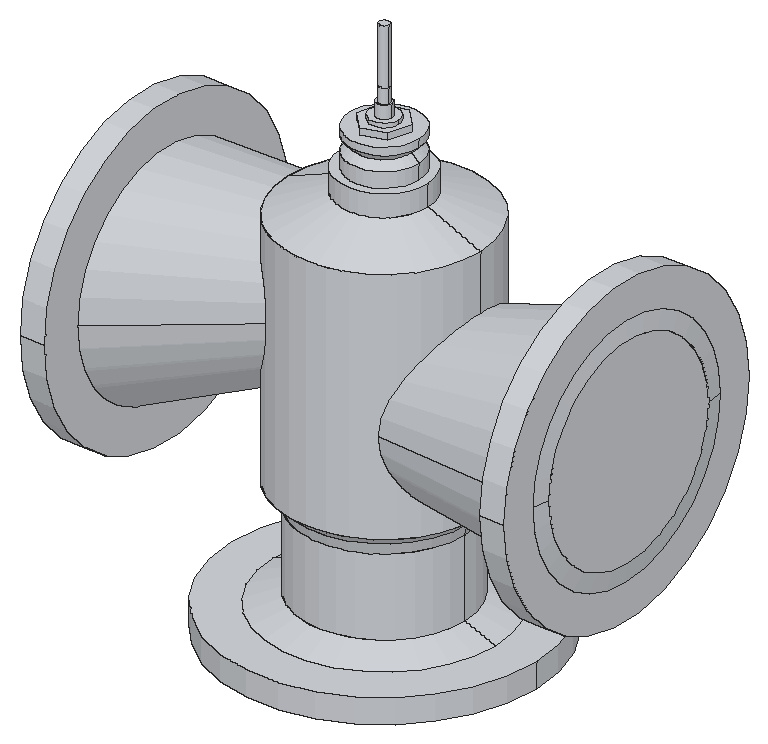
Revit family "3FGB_PN16_DN125_RFA_2019", category Pipe Accessories, Revit 2019
Family settings
  Round Connector Dimension = Use Diameter
  Part Type = Valve - Breaks Into
  Work Plane-Based = No
  Always vertical = Yes
  Cut with Voids When Loaded = No
  Shared = No
Parameters (values of type "3FGB PN16 DN125")
  magiProductId = ""
  magiProductFamilyId = ""
  magiPartTypeId = 320
  isMeasuringValve [instance] = no
  ang2D [instance] = 0.00°
  Z9 = 4.2 mm
  Z8 = 5.7 mm
  Z7 = 3 mm
  Z6 = 6 mm
  Z5 = 6 mm
  Z4 = 12 mm
  Z3 = 194.35 mm
  Z19 = 9.9 mm
  Z18 = 29.25 mm
  Z17 = 4.5 mm
  Z16 = 11.25 mm
  Z15 = 48.65 mm
  Z14__ve = -Z14  # -17.375 mm
  Z14 = 17.375 mm
  Z13 = 9.01 mm
  Z12 = 63.07 mm
  Z11 = 84 mm
  Z10 = 5.1 mm
  Y1 = 71.28 mm
  X4 = 19.8 mm
  X3 = 31.68 mm
  X2__ve = -X2  # -19.8 mm
  X2 = 19.8 mm
  X1 = 2 mm
  W2D = 125 mm
  VersionID = ""
  Use Minimum Symbol Size [instance] = no
  URL = "www.hydronix.cz"
  Type Comments = "Přírubový; EQM charakteristika ve směru A-AB; PN16; -10~+150°C"
  R9 = 4 mm
  R8 = 8.661 mm
  R7 = 11.547 mm
  R6 = 19.246 mm
  R5 = 22.81 mm
  R4 = 28.512 mm
  R3 = 35.64 mm
  R2 = 68.625 mm
  R13 = 65.88 mm
  R12 = 6.062 mm
  R11 = 11.692 mm
  R10 = 7.794 mm
  R1 = 54.9 mm
  QmdConnectorList = "301;D;302;D;303;D"
  Productdata [instance] = ""
  N = 8
  Manufacturer = "Hydronix"
  Maintenance Zone Under Depth [instance] = 234 mm
  Maintenance Zone Right Depth [instance] = 200 mm
  Maintenance Zone Over Depth [instance] = 244 mm
  Maintenance Zone Left Depth [instance] = 200 mm
  Maintenance Zone Front Depth [instance] = 125 mm
  Maintenance Zone Back Depth [instance] = 125 mm
  Maintenance Zone Front Visibility [instance] = no
  MT = 2
  MC Product Code = "3FGB125 (DN125; PN16; kvs200)"
  MC = yes
  LT2 = 200 mm
  L2D_Min = 30.48 mm
  L2D = 400 mm
  L = 400 mm
  HD = 18 mm
  HCDT2 = 91.5 mm
  HCD = 210 mm
  H4 = 200 mm
  H3 = 139 mm
  H2 = 45 mm
  H1 = 199 mm
  FDT2 = 125 mm
  FD = 250 mm
  Description = "3 cestný regulační ventil přírubový; DN125; PN16; kvs200; zdvih 45mm"
  DT2 = 62.5 mm
  D4 = 81.6 mm
  D3 = 96 mm
  D2 = 79.2 mm
  D = 125 mm
  CenSd_R6_6 = R6 * cos(30.00°)  # 16.667 mm
  Clearance Zone Height Depth [instance] = 244 mm
  Clearance Zone Circular Radius [instance] = 200 mm
  Clearance Zone Visibility [instance] = no
  CAT0 = yes
  CAT = no
  Assembly Code = ""
  A1 = 155.48 mm
Types (5, lengths in mm): name | Z9 | Z8 | Z6 | Z5 | Z4 | Z3 | Z19 | Z18 | Z17 | Z16 | Z15 | Z14__ve | Z14 | Z13 | Z12 | Z11 | Z10 | Y1 | X4 | X3 | X2__ve | X2 | W2D | R8 | R7 | R6 | R5 | R4 | R3 | R2 | R13 | R12 | R11 | R10 | R1 | N | Maintenance Zone Under Depth | Maintenance Zone Right Depth | Maintenance Zone Over Depth | Maintenance Zone Left Depth | Maintenance Zone Front Depth | Maintenance Zone Back Depth | MC Product Code | LT2 | L2D | L | HD | HCDT2 | HCD | H4 | H3 | H2 | H1 | FDT2 | FD | Description | DT2 | D4 | D3 | D2 | D | CenSd_R6_6 | Clearance Zone Height Depth | Clearance Zone Circular Radius | A1
  3FGB PN16 DN100 | 4.165 | 5.602 | 5.95 | 5.95 | 11.9 | 166.225 | 9.767 | 29.25 | 4.5 | 11.25 | 40.775 | -14.562 | 14.562 | 7.885 | 55.195 | 72 | 5.082 | 62.28 | 17.3 | 27.68 | -17.3 | 17.3 | 100 | 7.567 | 10.089 | 16.816 | 19.93 | 24.912 | 31.14 | 57.375 | 55.08 | 5.297 | 10.215 | 6.81 | 45.9 | 8 | 207 | 175 | 221 | 175 | 110 | 110 | "3FGB100 (DN100; PN16; kvs130)" | 175 | 350 | 350 | 18 | 76.5 | 180 | 175 | 116.5 | 45 | 176 | 110 | 220 | "3 cestný regulační ventil přírubový; DN100; PN16; kvs130; zdvih 45mm" | 50 | 68.85 | 81 | 69.2 | 100 | 14.563 | 221 | 175 | 132.98
  3FGB PN16 DN125 | 4.2 | 5.7 | 6 | 6 | 12 | 194.35 | 9.9 | 29.25 | 4.5 | 11.25 | 48.65 | -17.375 | 17.375 | 9.01 | 63.07 | 84 | 5.1 | 71.28 | 19.8 | 31.68 | -19.8 | 19.8 | 125 | 8.661 | 11.547 | 19.246 | 22.81 | 28.512 | 35.64 | 68.625 | 65.88 | 6.062 | 11.692 | 7.794 | 54.9 | 8 | 234 | 200 | 244 | 200 | 125 | 125 | "3FGB125 (DN125; PN16; kvs200)" | 200 | 400 | 400 | 18 | 91.5 | 210 | 200 | 139 | 45 | 199 | 125 | 250 | "3 cestný regulační ventil přírubový; DN125; PN16; kvs200; zdvih 45mm" | 62.5 | 81.6 | 96 | 79.2 | 125 | 16.667 | 244 | 200 | 155.48
  3FGB PN16 DN150 | 4.2 | 5.7 | 6 | 6 | 12 | 225.85 | 9.9 | 29.25 | 4.5 | 11.25 | 54.95 | -19.625 | 19.625 | 10.81 | 75.67 | 96 | 5.1 | 85.68 | 23.8 | 38.08 | -23.8 | 23.8 | 150 | 10.41 | 13.88 | 23.134 | 27.418 | 34.272 | 42.84 | 77.625 | 74.52 | 7.287 | 14.054 | 9.369 | 62.1 | 8 | 277 | 240 | 262 | 240 | 142.5 | 142.5 | "3FGB150 (DN150; PN16; kvs300)" | 240 | 480 | 480 | 22 | 103.5 | 240 | 240 | 157 | 45 | 217 | 142.5 | 285 | "3 cestný regulační ventil přírubový; DN150; PN16; kvs300; zdvih 45mm" | 75 | 92.65 | 109 | 95.2 | 150 | 20.034 | 262 | 240 | 180.68
  3FGB PN16 DN065 | 4.2 | 5.7 | 6 | 6 | 12 | 136.6 | 9.9 | 16.25 | 2.5 | 6.25 | 33.25 | -11.875 | 11.875 | 6.535 | 45.745 | 58 | 5.1 | 51.48 | 14.3 | 22.88 | -14.3 | 14.3 | 65 | 6.255 | 8.34 | 13.9 | 16.474 | 20.592 | 25.74 | 44.25 | 42.48 | 4.378 | 8.444 | 5.629 | 35.4 | 4 | 175 | 145 | 180 | 145 | 92.5 | 92.5 | "3FGB65 (DN65; PN16; kvs63)" | 145 | 290 | 290 | 18 | 59 | 145 | 145 | 95 | 25 | 155 | 92.5 | 185 | "3 cestný regulační ventil přírubový; DN65; PN16; kvs63; zdvih 25mm" | 32.5 | 53.975 | 63.5 | 57.2 | 65 | 12.037 | 180 | 145 | 109.28
  3FGB PN16 DN080 | 4.2 | 5.7 | 6 | 6 | 12 | 148.6 | 9.9 | 29.25 | 4.5 | 11.25 | 36.75 | -13.125 | 13.125 | 6.985 | 48.895 | 64 | 5.1 | 55.08 | 15.3 | 24.48 | -15.3 | 15.3 | 80 | 6.692 | 8.923 | 14.872 | 17.626 | 22.032 | 27.54 | 49.875 | 47.88 | 4.685 | 9.034 | 6.023 | 39.9 | 4 | 187 | 155 | 210 | 155 | 100 | 100 | "3FGB80 (DN80; PN16; kvs100)" | 155 | 310 | 310 | 18 | 66.5 | 160 | 155 | 105 | 45 | 165 | 100 | 200 | "3 cestný regulační ventil přírubový; DN80; PN16; kvs100; zdvih 45mm" | 40 | 60.35 | 71 | 61.2 | 80 | 12.879 | 210 | 155 | 118.88
Reference planes
  plane 1 "Center (Front/Back)": y = 0
  plane 2 "XYPLANE": z = 0
  plane 3 "Center (Left/Right)": x = 0
  plane 4 "227": z = -234
  plane 5 "226": y = 125
  plane 6 "225": y = -125
  plane 7 "224": x = 200
  plane 8 "223": x = -200
  plane 9 "222": z = 244
  plane 10 "182": z = 199
  plane 11 "161": z = 187
  plane 12 "158": z = 181.3
  plane 13 "150": z = 177.1
  plane 14 "148": z = 174.1
  plane 15 "142": z = 169
  plane 16 "136": z = 163
  plane 17 "135": z = 157
  plane 18 "131": z = 151
  plane 19 "78": z = 104.25
  plane 20 "77": z = 121.625
  plane 21 "74": z = 139
  plane 22 "70": z = -90.1
  plane 23 "65": z = -99.11
  plane 24 "64": z = -108.12
  plane 25 "58": z = -171.19
  plane 26 "57": z = -180.2
  plane 27 "46": z = -200
  plane 28 "28": x = 178.2
  plane 29 "27": x = 198
  plane 30 "21": z = -20
  plane 31 "16": z = 48.65
  plane 32 "13": x = -178.2
  plane 33 "7": x = -198
  plane 34 "6": x = 200
  plane 35 "5": x = -200
  plane 36 "3": y = 0
  plane 37 "2": z = 0
  plane 38 "1": x = 0
Forms (mm)
  Extrusion 1, solid, visible <- "Clearance Zone Visibility"
    sketch origin (-750, 0, 0) x (1, 0, 0) y (0, 1, 0)
      loop
        circle (750, 0) r 200
    from 0 to 244 <- "Clearance Zone Height Depth"
  Blend 2, solid, visible <- "Maintenance Zone Front Visibility"
    base sketch origin (-750, 0, 244) x (1, 0, 0) y (0, 1, 0)
      loop
        line (550, 125) -> (550, -125) -> (950, -125) -> (950, 125) -> (550, 125)
    top sketch origin (-750, 0, 244) x (1, 0, 0) y (0, 1, 0)
      loop
        line (550, 125) -> (550, -125) -> (950, -125) -> (950, 125) -> (550, 125)
    from 0 to -478
  Extrusion 3, solid
    sketch origin (-750, 0, 177.1) x (1, 0, 0) y (0, 1, 0)
      loop
        circle (750, 0) r 6.062
    from 0 to 9.9 <- "Z19"
  Extrusion 4, solid
    sketch origin (-750, 0, 199) x (1, 0, 0) y (0, 1, 0)
      loop
        circle (750, 0) r 4
    from 0 to 45 <- "H2"
  Extrusion 5, solid
    sketch origin (-750, 0, 187) x (1, 0, 0) y (0, 1, 0)
      loop
        circle (750, 0) r 4
    from 0 to 12 <- "Z4"
  Extrusion 6, solid
    sketch origin (-750, 0, 174.1) x (1, 0, 0) y (0, 1, 0)
      loop
        circle (750, 0) r 11.547
    from 0 to 3 <- "Z7"
  Extrusion 7, solid
    sketch origin (-750, 0, 169) x (1, 0, 0) y (0, 1, 0)
      loop
        line (763.609, -13.609) -> (768.59, 4.981) -> (754.981, 18.59) -> (736.391, 13.609) -> (731.41, -4.981) -> (745.019, -18.59) -> (763.609, -13.609)
    from 0 to 5.1 <- "Z10"
  Extrusion 8, solid
    sketch origin (-750, 0, 163) x (1, 0, 0) y (0, 1, 0)
      loop
        circle (750, 0) r 28.512
    from 0 to 6 <- "Z6"
  Blend 9, solid
    base sketch origin (-750, 0, 157) x (1, 0, 0) y (0, 1, 0)
      loop
        circle (750, 0) r 22.81
    top sketch origin (-750, 0, 157) x (1, 0, 0) y (0, 1, 0)
      loop
        circle (750, 0) r 28.512
    from 0 to 6
  Blend 10, solid
    base sketch origin (-750, 0, 151) x (1, 0, 0) y (0, 1, 0)
      loop
        circle (750, 0) r 28.512
    top sketch origin (-750, 0, 151) x (1, 0, 0) y (0, 1, 0)
      loop
        circle (750, 0) r 22.81
    from 0 to 6
  Extrusion 11, solid
    sketch origin (-750, 0, 139) x (1, 0, 0) y (0, 1, 0)
      loop
        circle (750, 0) r 28.512
    from 0 to 12 <- "Z4"
  Extrusion 12, solid
    sketch origin (-750, 0, 139) x (1, 0, 0) y (0, 1, 0)
      loop
        circle (750, 0) r 35.64
    from 0 to -17.375 <- "Z14__ve"
  Blend 13, solid
    base sketch origin (-750, 0, 104.25) x (1, 0, 0) y (0, 1, 0)
      loop
        circle (750, 0) r 79.2
    top sketch origin (-750, 0, 104.25) x (1, 0, 0) y (0, 1, 0)
      loop
        circle (750, 0) r 35.64
    from 0 to 17.375
  Blend 14, solid
    base sketch origin (-750, 0, -99.11) x (1, 0, 0) y (0, 1, 0)
      loop
        circle (750, 0) r 68.625
    top sketch origin (-750, 0, -99.11) x (1, 0, 0) y (0, 1, 0)
      loop
        circle (750, 0) r 79.2
    from 0 to 9.01
  Blend 15, solid
    base sketch origin (-750, 0, -108.12) x (1, 0, 0) y (0, 1, 0)
      loop
        circle (750, 0) r 65.88
    top sketch origin (-750, 0, -108.12) x (1, 0, 0) y (0, 1, 0)
      loop
        circle (750, 0) r 68.625
    from 0 to 9.01
  Extrusion 16, solid
    sketch origin (-750, 0, -171.19) x (1, 0, 0) y (0, 1, 0)
      loop
        circle (750, 0) r 65.88
    from 0 to 63.07 <- "Z12"
  Blend 17, solid
    base sketch origin (-750, 0, -180.2) x (1, 0, 0) y (0, 1, 0)
      loop
        circle (750, 0) r 91.5
    top sketch origin (-750, 0, -180.2) x (1, 0, 0) y (0, 1, 0)
      loop
        circle (750, 0) r 65.88
    from 0 to 9.01
  Extrusion 18, solid
    sketch origin (-750, 0, -200) x (1, 0, 0) y (0, 1, 0)
      loop
        circle (750, 0) r 125
    from 0 to 19.8 <- "X4"
  Blend 19, solid
    base sketch origin (198, -750, 0) x (0, 1, 0) y (0, 0, 1)
      loop
        circle (750, 0) r 96
    top sketch origin (198, -750, 0) x (0, 1, 0) y (0, 0, 1)
      loop
        circle (750, 0) r 81.6
    from 0 to 2
  Blend 20, solid
    base sketch origin (-200, -750, 0) x (0, 1, 0) y (0, 0, 1)
      loop
        circle (750, 0) r 81.6
    top sketch origin (-200, -750, 0) x (0, 1, 0) y (0, 0, 1)
      loop
        circle (750, 0) r 96
    from 0 to 2
  Extrusion 21, solid
    sketch origin (198, -750, 0) x (0, 1, 0) y (0, 0, 1)
      loop
        circle (750, 0) r 125
    from 0 to -19.8 <- "X2__ve"
  Blend 22, solid
    base sketch origin (0, -750, 0) x (0, 1, 0) y (0, 0, 1)
      loop
        circle (750, -20) r 54.9
    top sketch origin (0, -750, 0) x (0, 1, 0) y (0, 0, 1)
      loop
        circle (750, 0) r 91.5
    from 0 to 178.2
  Extrusion 23, solid
    sketch origin (-750, 0, -90.1) x (1, 0, 0) y (0, 1, 0)
      loop
        circle (750, 0) r 79.2
    from 0 to 194.35 <- "Z3"
  Blend 24, solid
    base sketch origin (-178.2, -750, 0) x (0, 1, 0) y (0, 0, 1)
      loop
        circle (750, 0) r 91.5
    top sketch origin (-178.2, -750, 0) x (0, 1, 0) y (0, 0, 1)
      loop
        circle (750, 48.65) r 54.9
    from 0 to 178.2
  Extrusion 25, solid
    sketch origin (-198, -750, 0) x (0, 1, 0) y (0, 0, 1)
      loop
        circle (750, 0) r 125
    from 0 to 19.8 <- "X2"
  Extrusion 26, solid, not visible
    sketch origin (-750, 0, -200) x (1, 0, 0) y (0, 1, 0)
      loop
        circle (750, 0) r 10
    from 0 to 10
  Extrusion 27, solid, not visible
    sketch origin (200, -750, 0) x (0, 1, 0) y (0, 0, 1)
      loop
        circle (750, 0) r 10
    from 0 to -10
  Extrusion 28, solid, not visible
    sketch origin (-200, -750, 0) x (0, 1, 0) y (0, 0, 1)
      loop
        circle (750, 0) r 10
    from 0 to 10
Lines and regions (mm)
  reference lines, not visible
    curve 1: circle (2, 2, 0) r 1 normal (0, 0, 1)
  reference lines
    curve 2: line (0, 0, 169) -> (2.176, 8.121, 169)
    curve 3: line (0, 0, 169) -> (-5.945, 5.945, 169)
    curve 4: line (0, 0, 169) -> (-8.121, -2.176, 169)
Dimensions and locks
  plane 1 "Center (Front/Back)" to curve 1 = 2 mm
  "Maintenance Zone Under Depth": plane 2 "XYPLANE" to plane 4 "227"
  "Maintenance Zone Back Depth": plane 1 "Center (Front/Back)" to plane 5 "226"
  "Maintenance Zone Front Depth": plane 1 "Center (Front/Back)" to plane 6 "225"
  "Maintenance Zone Right Depth": plane 3 "Center (Left/Right)" to plane 7 "224"
  "Maintenance Zone Left Depth": plane 3 "Center (Left/Right)" to plane 8 "223"
  "Maintenance Zone Over Depth": plane 2 "XYPLANE" to plane 9 "222"
  "Z4": plane 11 "161" to plane 10 "182"
  "Z8": plane 12 "158" to plane 11 "161"
  "Z9": plane 13 "150" to plane 12 "158"
  "Z7": plane 14 "148" to plane 13 "150"
  "Z10": plane 15 "142" to plane 14 "148"
  "Z6": plane 16 "136" to plane 15 "142"
  "Z5": plane 17 "135" to plane 16 "136"
  "Z5": plane 18 "131" to plane 17 "135"
  "Z4": plane 21 "74" to plane 18 "131"
  "Z14": plane 20 "77" to plane 19 "78"
  "Z14": plane 21 "74" to plane 20 "77"
  "H3": plane 2 "XYPLANE" to plane 21 "74"
  "Z13": plane 23 "65" to plane 22 "70"
  "Z13": plane 24 "64" to plane 23 "65"
  "Z12": plane 25 "58" to plane 24 "64"
  "Z13": plane 26 "57" to plane 25 "58"
  "X4": plane 27 "46" to plane 26 "57"
  "H4": plane 2 "XYPLANE" to plane 27 "46"
  "X2": plane 29 "27" to plane 28 "28"
  "X1": plane 34 "6" to plane 29 "27"
  locked: plane 37 "2" to plane 30 "21" at 20
  "Z15": plane 37 "2" to plane 31 "16"
  "X2": plane 33 "7" to plane 32 "13"
  "X1": plane 35 "5" to plane 33 "7"
  "LT2": plane 3 "Center (Left/Right)" to plane 34 "6"
  "LT2": plane 3 "Center (Left/Right)" to plane 35 "5"
  locked: plane 1 "Center (Front/Back)" to plane 36 "3"
  locked: plane 2 "XYPLANE" to plane 37 "2"
  locked: plane 3 "Center (Left/Right)" to plane 38 "1"
  Blend 2 sketch curve to Blend 2 sketch curve = 0 mm  (x16)
  "CenSd_R6_6": curve 2 to Extrusion 7 sketch curve  (x2)
  "CenSd_R6_6": curve 3 to Extrusion 7 sketch curve  (x2)
  "CenSd_R6_6": curve 4 to Extrusion 7 sketch curve  (x2)
  Extrusion 7 sketch curve to Extrusion 7 sketch curve = 0 mm  (x12)
  "Clearance Zone Circular Radius": radius of Extrusion 1 sketch curve
  "R12": radius of Extrusion 3 sketch curve
  "R9": radius of Extrusion 4 sketch curve
  "R9": radius of Extrusion 5 sketch curve
  "R7": radius of Extrusion 6 sketch curve
  "R4": radius of Extrusion 8 sketch curve
  "R4": radius of Blend 9 sketch curve
  "R5": radius of Blend 9 sketch curve
  "R5": radius of Blend 10 sketch curve
  "R4": radius of Blend 10 sketch curve
  "R4": radius of Extrusion 11 sketch curve
  "R3": radius of Extrusion 12 sketch curve
  "R3": radius of Blend 13 sketch curve
  "D2": radius of Blend 13 sketch curve
  "D2": radius of Blend 14 sketch curve
  "R2": radius of Blend 14 sketch curve
  "R2": radius of Blend 15 sketch curve
  "R13": radius of Blend 15 sketch curve
  "R13": radius of Extrusion 16 sketch curve
  "R13": radius of Blend 17 sketch curve
  "HCDT2": radius of Blend 17 sketch curve
  "FDT2": radius of Extrusion 18 sketch curve
  "D4": radius of Blend 19 sketch curve
  "D3": radius of Blend 19 sketch curve
  "D3": radius of Blend 20 sketch curve
  "D4": radius of Blend 20 sketch curve
  "FDT2": radius of Extrusion 21 sketch curve
  "HCDT2": radius of Blend 22 sketch curve
  "R1": radius of Blend 22 sketch curve
  "D2": radius of Extrusion 23 sketch curve
  "R1": radius of Blend 24 sketch curve
  "HCDT2": radius of Blend 24 sketch curve
  "FDT2": radius of Extrusion 25 sketch curve
  locked: curve 3 to curve 2 (angle 60.00°)
  locked: curve 4 to curve 3 (angle 60.00°)
  locked: curve 4 to curve 2 (angle 120.00°)
  aligned and locked: level to plane 2 "XYPLANE"
  aligned and locked: plane 36 "3" to Extrusion 1 sketch curve
  aligned and locked: plane 38 "1" to Extrusion 1 sketch curve
  aligned and locked: Blend 2 sketch curve to plane 8 "223"  (x2)
  aligned and locked: plane 5 "226" to Blend 2 sketch curve  (x4)
  aligned and locked: plane 6 "225" to Blend 2 sketch curve  (x4)
  aligned and locked: plane 8 "223" to Blend 2 sketch curve  (x2)
  aligned and locked: plane 7 "224" to Blend 2 sketch curve  (x4)
  aligned and locked: Blend 2 to plane 4 "227"
  aligned and locked: plane 36 "3" to Extrusion 3 sketch curve
  aligned and locked: plane 38 "1" to Extrusion 3 sketch curve
  aligned and locked: plane 36 "3" to Extrusion 4 sketch curve
  aligned and locked: plane 38 "1" to Extrusion 4 sketch curve
  aligned and locked: plane 36 "3" to Extrusion 5 sketch curve
  aligned and locked: plane 38 "1" to Extrusion 5 sketch curve
  aligned and locked: plane 36 "3" to Extrusion 6 sketch curve
  aligned and locked: plane 38 "1" to Extrusion 6 sketch curve
  aligned and locked: plane 36 "3" to curve 3
  aligned and locked: plane 38 "1" to curve 4
  aligned and locked: plane 36 "3" to Extrusion 8 sketch curve
  aligned and locked: plane 38 "1" to Extrusion 8 sketch curve
  aligned and locked: plane 36 "3" to Blend 9 sketch curve  (x2)
  aligned and locked: plane 38 "1" to Blend 9 sketch curve  (x2)
  aligned and locked: plane 16 "136" to Blend 9
  aligned and locked: plane 36 "3" to Blend 10 sketch curve  (x2)
  aligned and locked: plane 38 "1" to Blend 10 sketch curve  (x2)
  aligned and locked: plane 17 "135" to Blend 10
  aligned and locked: plane 36 "3" to Extrusion 11 sketch curve
  aligned and locked: plane 38 "1" to Extrusion 11 sketch curve
  aligned and locked: plane 36 "3" to Extrusion 12 sketch curve
  aligned and locked: plane 38 "1" to Extrusion 12 sketch curve
  aligned and locked: plane 36 "3" to Blend 13 sketch curve  (x2)
  aligned and locked: plane 38 "1" to Blend 13 sketch curve  (x2)
  aligned and locked: plane 20 "77" to Blend 13
  aligned and locked: plane 36 "3" to Blend 14 sketch curve  (x2)
  aligned and locked: plane 38 "1" to Blend 14 sketch curve  (x2)
  aligned and locked: plane 22 "70" to Blend 14
  aligned and locked: plane 36 "3" to Blend 15 sketch curve  (x2)
  aligned and locked: plane 38 "1" to Blend 15 sketch curve  (x2)
  aligned and locked: plane 23 "65" to Blend 15
  aligned and locked: plane 36 "3" to Extrusion 16 sketch curve
  aligned and locked: plane 38 "1" to Extrusion 16 sketch curve
  aligned and locked: plane 36 "3" to Blend 17 sketch curve  (x2)
  aligned and locked: plane 38 "1" to Blend 17 sketch curve  (x2)
  aligned and locked: plane 25 "58" to Blend 17
  aligned and locked: plane 36 "3" to Extrusion 18 sketch curve
  aligned and locked: plane 38 "1" to Extrusion 18 sketch curve
  aligned and locked: Blend 19 sketch curve to plane 36 "3"  (x2)
  aligned and locked: plane 37 "2" to Blend 19 sketch curve  (x2)
  aligned and locked: plane 34 "6" to Blend 19
  aligned and locked: Blend 20 sketch curve to plane 36 "3"  (x2)
  aligned and locked: plane 37 "2" to Blend 20 sketch curve  (x2)
  aligned and locked: plane 33 "7" to Blend 20
  aligned and locked: Extrusion 21 sketch curve to plane 36 "3"
  aligned and locked: plane 37 "2" to Extrusion 21 sketch curve
  aligned and locked: Blend 22 sketch curve to plane 36 "3"  (x2)
  aligned and locked: plane 37 "2" to Blend 22 sketch curve
  aligned and locked: plane 30 "21" to Blend 22 sketch curve
  aligned and locked: plane 28 "28" to Blend 22
  aligned and locked: plane 36 "3" to Extrusion 23 sketch curve
  aligned and locked: plane 38 "1" to Extrusion 23 sketch curve
  aligned and locked: plane 31 "16" to Blend 24 sketch curve
  aligned and locked: plane 36 "3" to Blend 24 sketch curve
  aligned and locked: Blend 24 sketch curve to plane 36 "3"
  aligned and locked: plane 37 "2" to Blend 24 sketch curve
  aligned and locked: plane 38 "1" to Blend 24
  aligned and locked: Extrusion 25 sketch curve to plane 36 "3"
  aligned and locked: plane 37 "2" to Extrusion 25 sketch curve
  aligned and locked: plane 36 "3" to Extrusion 26 sketch curve
  aligned and locked: plane 38 "1" to Extrusion 26 sketch curve
  aligned and locked: Extrusion 27 sketch curve to plane 36 "3"
  aligned and locked: plane 37 "2" to Extrusion 27 sketch curve
  aligned and locked: Extrusion 28 sketch curve to plane 36 "3"
  aligned and locked: plane 37 "2" to Extrusion 28 sketch curve
Automatic sketch dimensions
  plane 1 "Center (Front/Back)" to curve 4 = 2.176 mm
  plane 1 "Center (Front/Back)" to Extrusion 26 sketch curve = 10 mm
  plane 1 "Center (Front/Back)" to Extrusion 27 sketch curve = 10 mm
  plane 1 "Center (Front/Back)" to Extrusion 28 sketch curve = 10 mm
  plane 3 "Center (Left/Right)" to curve 1 = 2 mm
  radius of curve 1 = 1 mm
Connectors
  piping at (-200, 0, 0), diameter 125, driven by "D"
    settings: on Extrusion 28, index 1, connector inside diameter 609.6 mm, connector length 0 mm, flow factor 0, pipe flow 0.0 L/s, pressure drop 0.0 Pa, fitting loss kfactor 0, connector angle 0.00°, fixture units 0, engagement length 0 mm, angle of deflection 0.00°, flow configuration 0, flow direction 0, fitting loss method 0, system type 29, joint type 0, gender type 0, connector reference index -1, connector utility 0, adjustable connector yes, is connector primary yes, connector description ""
  piping at (200, 0, 0), diameter 125, driven by "D"
    settings: on Extrusion 27, index 2, connector inside diameter 609.6 mm, connector length 0 mm, flow factor 0, pipe flow 0.0 L/s, pressure drop 0.0 Pa, fitting loss kfactor 0, connector angle 0.00°, fixture units 0, engagement length 0 mm, angle of deflection 0.00°, flow configuration 0, flow direction 0, fitting loss method 0, system type 29, joint type 0, gender type 0, connector reference index -1, connector utility 0, adjustable connector yes, is connector primary no, connector description ""
  piping at (0, 0, -200), diameter 125, driven by "D"
    settings: on Extrusion 26, index 3, connector inside diameter 609.6 mm, connector length 0 mm, flow factor 0, pipe flow 0.0 L/s, pressure drop 0.0 Pa, fitting loss kfactor 0, connector angle 0.00°, fixture units 0, engagement length 0 mm, angle of deflection 0.00°, flow configuration 0, flow direction 0, fitting loss method 0, system type 29, joint type 0, gender type 0, connector reference index -1, connector utility 0, adjustable connector yes, is connector primary no, connector description ""
